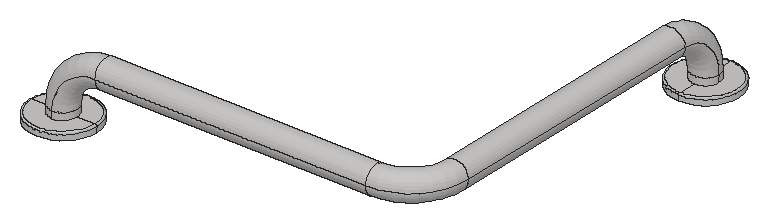
Revit family "PRD_FrankeWS_SpprtRls_AngleGrabRail_CNTX21W", category Specialty Equipment, host Face, Revit 2018
Family settings
  Host = Face
  Round Connector Dimension = Use Diameter
  Part Type = Normal
  OmniClass Number = 23.40.20.21
  OmniClass Title = Toilet and Bath Specialties
  Cut with Voids When Loaded = No
  Shared = No
  Room Calculation Point = No
Parameters (values of type "CNTX21W")
  WarrantyStartDate [instance] = "1900-12-31T23:59:59"
  WarrantyGuarantorParts = "n/a"
  WarrantyGuarantorLabor = "n/a"
  WarrantyDurationUnit = "year"
  WarrantyDurationParts = "n/a"
  WarrantyDurationLabor = "n/a"
  WarrantyDescription = "n/a"
  Version = "1"
  Uniclass2015Version = "Products v1.10"
  Uniclass2015Title = "Support rails"
  Uniclass2015Code = "Pr_40_20_76_84"
  URL = "www.kwc.com"
  TypeOfMounting = "Wall mounting"
  TypeOfGrabRail = "Angle bar"
  TypeOfFixing = "Screw"
  TagNumber [instance] = "n/a"
  SustainabilityPerformance = "n/a"
  Style = "n/a"
  Size = "493 x 493 x 82 mm"
  Shape = "n/a"
  SerialNumber [instance] = "n/a"
  Revision = "n/a"
  ReplacementCost = "n/a"
  ProductInformation = "https://pim.kwc.com/product/2030038226/attachment/datasheet?locale=en"
  PipeDiameter = 32.00 mm
  NominalWidth = 493.00 mm
  NominalHeight = 493.00 mm
  NominalDepth = 82.00 mm
  NetWeight = 1.065 kg
  Name = "Angle Grab Rail CNTX21W"
  NBSTypeID = "n/a"
  NBSReference = "45-35-72/360"
  NBSOfficeMasterTag = "n/a"
  NBSNote = "n/a"
  NBSDescription = "Support rails"
  NBSCertification = "n/a"
  ModelReference = "CNTX21W"
  ModelNumber = "2030038226"
  Model = ModelReference  # "CNTX21W"
  MaterialThickness = "1.20 mm"
  MaterialCode = "1.4301"
  Material = "stainless steel"
  ManufacturerURL = "www.kwc.com"
  ManufacturerName = "KWC Group AG"  # constant formula
  Manufacturer = ManufacturerName  # "KWC Group AG"
  MainColor = "stainless steel"
  IsBuiltIn = "TRUE"
  IntegralAccessories = "incl. stainless steel screws and dowels"
  InstallationDate [instance] = "1900-12-31T23:59:59"
  IfcExportType = "USERDEFINED"
  IfcExportAs = "IfcFurnitureType"
  Hinged = "No"
  HiddenFixing = "Yes"
  GrossWeight = 1.324 kg
  Grade = "n/a"
  GrabRailMaterial = PRD_AR_StainlessSteel_SatinFinished
  Finish = "satin finished"
  Features = "stainless steel, surface satin finished"
  ExpectedLife = "n/a"
  DurationUnit = "year"
  Direction = "n/a"
  Description = "90° angle grab rail for wall mounting, stainless steel, surface satin finished, rough polishing for better surface feel, 32 mm pipe diameter, material thickness 1.2 mm, wall distance 82 mm, with two stainless steel covers for hidden mounting, incl. stainless steel screws and dowels."
  Default Elevation = 750.00 mm
  CreateOn = "10/2019"  # constant formula
  Constituents = "n/a"
  Color = "no color"
  CodePerformance = "n/a"
  Category = "Pr_40_20_76_84, Support rails"
  Right [instance] = not(Left)  # no
  Left [instance] = yes
  BendingAngle = "90.00 degree"
  BarCode [instance] = "n/a"
  BIMObjectName = "PRD_AR_SupportRails_AngleGrabRail_CNTX21W"
  Author = "Archispace"  # constant formula
  AssetType = "Fixed"
  AssetIdentifier [instance] = "n/a"
  AccessibilityPerformance = "n/a"
Reference planes
  plane 1 "Center (Front/Back)": y = 0
  plane 2: z = 0
  plane 3 "Center (Left/Right)": x = 0
Dimensions and locks
  aligned and locked: plane 2 to host face
  aligned and locked: level to host face
Nested families
  nested 1: "CNTX21W" at (0, 0, 0), visible <- "Left", type "CNTX21W"
  nested 2: "CNTX21W" at (0, 0, 0) x (-1, 0, 0) z (0, 0, 1), visible <- "Right", type "CNTX21W"
Definition of nested family "CNTX21W"
  Parameters (values of type "CNTX22W")
    GrabRailMaterial = none
  Reference planes
    plane 1 "Center (Front/Back)": y = 0
    plane 2: z = 0
    plane 3 "Center (Left/Right)": x = 0
  Forms (mm)
    Sweep 1, solid, material <- "GrabRailMaterial", detail levels medium+fine
      path origin (-767, 970.266, 66) x (0, 1, 0) y (-1, 0, 0)
        loop
          line (-970.266, -402) -> (-970.266, -717)
          arc (-970.266, -717) -> (-955.621, -752.355) -> (-920.266, -767) r 50
          line (-920.266, -767) -> (-605.366, -767)
      profile origin (-207.5, 0, 66) x (0, 1, 0) y (0, 0, 1)
        loop
          circle (0, 0) r 16
    Sweep 2, solid, material <- "GrabRailMaterial", detail levels medium+fine
      path origin (-767, 9.8, 0) x (0, 1, 0) y (0, 0, 1)
        loop
          line (405.1, 8) -> (405.1, 16)
          arc (405.1, 16) -> (390.455, 51.355) -> (355.1, 66) r 50
      profile origin (-767, 414.9, 12) x (0, -1, 0) y (1, 0, 0)
        loop
          circle (0, 767) r 16
    Revolve 3, solid, material <- "GrabRailMaterial", detail levels fine
      sketch origin (0, 430.9, 1219.2) x (0, 1, 0) y (0, 0, 1)
        loop
          line (-16, -1219.2) -> (-16, -1211.2) -> (-53, -1211.2)
          arc (-53, -1211.2) -> (-54.414, -1211.786) -> (-55, -1213.2) r 2
          line (-55, -1213.2) -> (-55, -1219.2) -> (-16, -1219.2)
        axis (-16, -1211.2) -> (-16, -1219.2)
      angle from 0 to 360
    Extrusion 4, solid, material <- "GrabRailMaterial", detail levels medium
      sketch origin (0, 0, 0) x (1, 0, 0) y (0, 1, 0)
        loop
          circle (-415, 0) r 39
        loop
          circle (0, 414.9) r 39
      from 0 to 8
    Extrusion 5, solid, material <- "GrabRailMaterial", detail levels coarse
      sketch origin (0, 0, 0) x (1, 0, 0) y (0, 1, 0)
        loop
          line (-431, -16) -> (16, -16) -> (16, 430.9) -> (-16, 430.9) -> (-16, 16) -> (-431, 16) -> (-431, -16)
      from 0 to 82
    Sweep 6, solid, material <- "GrabRailMaterial", detail levels medium+fine
      path origin (490, -767, 0) x (-1, 0, 0) y (0, 0, 1)
        loop
          line (905, 8) -> (905, 16)
          arc (905, 16) -> (890.355, 51.355) -> (855, 66) r 50
      profile origin (-415, -767, 12) x (1, 0, 0) y (0, 1, 0)
        loop
          circle (0, 767) r 16
    Revolve 7, solid, material <- "GrabRailMaterial", detail levels fine
      sketch origin (-431, 0, 1219.2) x (-1, 0, 0) y (0, 0, 1)
        loop
          line (-16, -1219.2) -> (-16, -1211.2) -> (-53, -1211.2)
          arc (-53, -1211.2) -> (-54.414, -1211.786) -> (-55, -1213.2) r 2
          line (-55, -1213.2) -> (-55, -1219.2) -> (-16, -1219.2)
        axis (-16, -1211.2) -> (-16, -1219.2)
      angle from 0 to 360
  Cuts and joins
    joined: Sweep 1, Sweep 2, Sweep 6
  Dimensions and locks
    aligned and locked: level to plane 2
